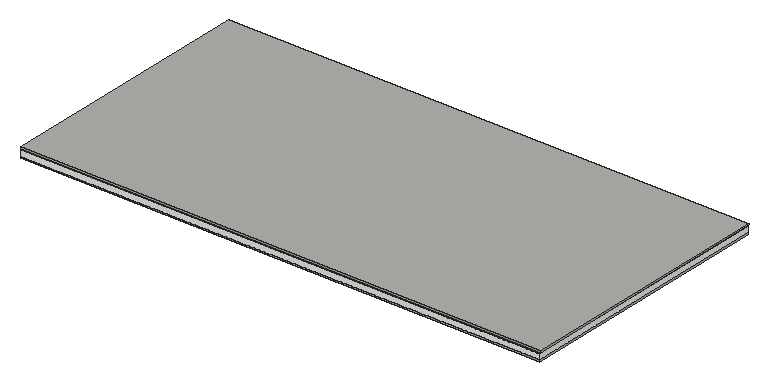
Revit family "Legalett_ISOFORM_FC+FC", category Generic Models, Revit 2023
Family settings
  Can host rebar = No
  Round Connector Dimension = Use Diameter
  Part Type = Normal
  Work Plane-Based = No
  Always vertical = Yes
  Cut with Voids When Loaded = No
  Maintain Annotation Orientation = No
  Shared = No
  Room Calculation Point = No
Parameters (values of type "ISOFORM 50 FC+FC")
  Type Comments = "24000"
  Model = "ISOFORM"
  Manufacturer = "Legalett"
  ISO Tjocklek = 32 mm
  Default Elevation = 0 mm
Types (3, lengths in mm): name | ISO Tjocklek
  (no name) | 32
  ISOFORM 50 FC+FC | 32
  ISOFORM 110 FC+FC | 92
Reference planes
  plane 1 "Center (Front/Back)": y = 0
  plane 2: z = 0
  plane 3 "Center (Left/Right)": x = 0
  plane 4: z = 41
  plane 5: z = 9
  plane 6: z = 47
  plane 7: z = 36.102
  plane 8: z = 0
Forms (mm)
  Extrusion 1, solid, material "Fibercement"
    sketch origin (-321.637, 314.755, 0) x (1, 0, 0) y (0, 1, 0)
      loop
        line (-878.363, 285.245) -> (-878.363, -914.755) -> (1521.637, -914.755) -> (1521.637, 285.245) -> (-878.363, 285.245)
    from 3 to 9
  Extrusion 2, solid, material "Fibercement"
    sketch origin (-321.297, 314.755, 41) x (1, 0, 0) y (0, 1, 0)
      loop
        line (-878.363, 285.245) -> (-878.363, -914.755) -> (1521.637, -914.755) -> (1521.637, 285.245) -> (-878.363, 285.245)
    from 0 to 6
  Extrusion 3, solid, material "EPS100"
    sketch origin (-324.196, 314.755, 0) x (1, 0, 0) y (0, 1, 0)
      loop
        line (-875.804, 285.245) -> (-875.804, -914.755) -> (1524.196, -914.755) -> (1524.196, 285.245) -> (-875.804, 285.245)
    from 9 to 36.102
  Extrusion 4, solid, material "EPS100"
    sketch origin (-321.637, 314.755, 27) x (1, 0, 0) y (0, 1, 0)
      loop
        line (-848.363, 255.245) -> (-848.363, -884.358) -> (1491.976, -884.358) -> (1491.976, 255.245) -> (-848.363, 255.245)
    from 9.102 to 14
Cuts and joins
  joined: Extrusion 3, Extrusion 4
Dimensions and locks
  locked: cut or joined group of Extrusion 3, Extrusion 4 to cut or joined group of Extrusion 3, Extrusion 4 at 4.898
  "ISO Tjocklek": plane 5 to plane 4
  locked: plane 8 to plane 5 at 9
  locked: plane 4 to plane 6 at 6
  aligned and locked: level to plane 2
  aligned and locked: Extrusion 3 to Extrusion 1
  aligned and locked: Extrusion 4 to Extrusion 3
  aligned and locked: Extrusion 2 to cut or joined group of Extrusion 3, Extrusion 4
  aligned and locked: Extrusion 4 to Extrusion 2
  aligned and locked: Extrusion 2 to plane 6
  aligned and locked: plane 5 to Extrusion 3
  aligned and locked: plane 8 to level
  aligned and locked: plane 4 to Extrusion 2
Automatic sketch dimensions
  plane 1 "Center (Front/Back)" to Extrusion 1 sketch curve = 600 mm
  Extrusion 1 sketch curve to plane 3 "Center (Left/Right)" = 1200 mm
  plane 3 "Center (Left/Right)" to Extrusion 1 sketch curve = 1200 mm
  Extrusion 1 sketch curve to plane 1 "Center (Front/Back)" = 600 mm
  Extrusion 2 sketch curve to plane 3 "Center (Left/Right)" = 1199.661 mm
  plane 1 "Center (Front/Back)" to Extrusion 2 sketch curve = 600 mm
  plane 3 "Center (Left/Right)" to Extrusion 2 sketch curve = 1200.339 mm
  Extrusion 2 sketch curve to plane 1 "Center (Front/Back)" = 600 mm
  plane 1 "Center (Front/Back)" to Extrusion 3 sketch curve = 600 mm
  Extrusion 3 sketch curve to plane 3 "Center (Left/Right)" = 1200 mm
  plane 3 "Center (Left/Right)" to Extrusion 3 sketch curve = 1200 mm
  Extrusion 3 sketch curve to plane 1 "Center (Front/Back)" = 600 mm
  plane 1 "Center (Front/Back)" to Extrusion 4 sketch curve = 569.603 mm
  Extrusion 4 sketch curve to plane 3 "Center (Left/Right)" = 1170 mm
  plane 3 "Center (Left/Right)" to Extrusion 4 sketch curve = 1170.339 mm
  Extrusion 4 sketch curve to plane 1 "Center (Front/Back)" = 570 mm
